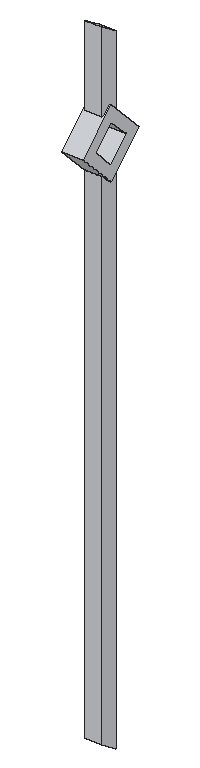
Revit family "난간동자 - 사용자 지정3", category 난간동자, Revit 2026
Family settings
  항상 수직 = 예
  로드될 때 보이드를 사용하여 절단 = 아니오
  공유 = 아니오
Parameters (values of type "20mm")
  built-in parameter 1008623 [instance] = 32.47°
  built-in parameter 1008625 [instance] = (empty or 0)
  Post = no
  built-in parameter 1008624 [instance] = 32.47°
  폭 = 20 mm
  t1 = 폭 + 5.999 mm  # 25.999 mm
  난간동자 재료 = none
  built-in parameter 1008622 [instance] = 762 mm
Types (3, lengths in mm): name | 폭 | t1
  (no name) | 20 | 25.999
  25mm | 25 | 30.999
  20mm | 20 | 25.999
Reference planes
  plane 1 "중심 F/B": y = 0
  plane 2: z = 0
  plane 3 "중심 L/R": x = 0
  plane 4 "상단": z = 762
  plane 5 "상단 절단 각도": through (0, 345.134, 542.379) normal (0, -0.5369, -0.8437)
  plane 6: z = 862
  plane 7: z = 609.6
  plane 8: z = 673.1
  plane 9: z = 641.35
  plane 10: x = -13
  plane 11: x = 13
  plane 12: z = -100
  plane 13: y = 50
  plane 14: x = 50
  plane 15: y = -50
  plane 16: x = -50
  plane 17 "하단 절단 각도": through (0, 0, 0) normal (0, -0.5369, -0.8437)
Forms (mm)
  Extrusion 1, solid, material <- "난간동자 재료"
    sketch origin (0, 0, 0) x (1, 0, 0) y (0, 1, 0)
      loop
        line (-10, 10) -> (-10, -10) -> (10, -10) -> (10, 10) -> (-10, 10)
    from 673.1 to 862
  Extrusion 2, void
    sketch origin (0, 0, 0) x (0, 1, 0) y (0, 0, 1)
      loop
        line (-50, 862) -> (-50, 793.817) -> (50, 730.183) -> (50, 862) -> (-50, 862)
    from -50 to 50
  Extrusion 3, solid, material <- "난간동자 재료"
    sketch origin (0, 0, 0) x (1, 0, 0) y (0, 1, 0)
      loop
        line (-10, 10) -> (-10, -10) -> (10, -10) -> (10, 10) -> (-10, 10)
    from -100 to 609.6
  Extrusion 4, solid, material <- "난간동자 재료"
    sketch origin (0, 0, 0) x (0, 1, 0) y (0, 0, 1)
      loop
        line (0, 682.625) -> (-41.275, 641.35) -> (0, 600.075) -> (41.275, 641.35) -> (0, 682.625)
      loop
        line (0, 664.664) -> (-23.314, 641.35) -> (0, 618.036) -> (23.314, 641.35) -> (0, 664.664)
    from -13 to 13
  Extrusion 5, void
    sketch origin (0, 0, 0) x (0, 1, 0) y (0, 0, 1)
      loop
        line (50, -31.817) -> (-50, 31.817) -> (-50, -100) -> (50, -100) -> (50, -31.817)
    from -50 to 50
Cuts and joins
  Extrusion 2, Extrusion 5 cuts Extrusion 1
  Extrusion 5 cuts Extrusion 3
  Extrusion 5 cuts Extrusion 4
Dimensions and locks
  "built-in parameter 1008622": plane 2 to plane 4 "상단"
  locked: plane 4 "상단" to plane 6 at 100
  equal spacing: Extrusion 1 sketch curve, plane 3 "중심 L/R", Extrusion 1 sketch curve
  equal spacing: Extrusion 1 sketch curve, plane 1 "중심 F/B", Extrusion 1 sketch curve
  "폭": Extrusion 1 sketch curve to Extrusion 1 sketch curve  (x2)
  "폭": Extrusion 3 sketch curve to Extrusion 3 sketch curve  (x2)
  locked: plane 7 to plane 8 at 63.5
  equal spacing: plane 7, plane 9, plane 8
  equal spacing: Extrusion 3 sketch curve, plane 3 "중심 L/R", Extrusion 3 sketch curve
  equal spacing: Extrusion 3 sketch curve, plane 1 "중심 F/B", Extrusion 3 sketch curve
  "t1": plane 10 to plane 11
  equal spacing: plane 10, plane 3 "중심 L/R", plane 11
  locked: level to plane 12 at 100
  locked: plane 7 to plane 4 "상단" at 152.4
  locked: plane 16 to plane 3 "중심 L/R" at 50
  locked: plane 3 "중심 L/R" to plane 14 at 50
  locked: plane 1 "중심 F/B" to plane 13 at 50
  locked: plane 15 to plane 1 "중심 F/B" at 50
  "built-in parameter 1008623": angle plane 4 "상단" to plane 5 "상단 절단 각도"
  "built-in parameter 1008624": angle level to plane 17 "하단 절단 각도"
  aligned and locked: Extrusion 1 to plane 6
  aligned and locked: Extrusion 3 to plane 7
  aligned and locked: plane 8 to Extrusion 1
  aligned and locked: Extrusion 4 to plane 10
  aligned and locked: Extrusion 4 to plane 11
  aligned and locked: Extrusion 2 to plane 16
  aligned and locked: Extrusion 2 to plane 14
  aligned and locked: plane 6 to Extrusion 2 sketch curve
  aligned and locked: plane 13 to Extrusion 2 sketch curve
  aligned and locked: plane 15 to Extrusion 2 sketch curve
  aligned and locked: Extrusion 2 sketch curve to plane 5 "상단 절단 각도"
  aligned and locked: plane 12 to Extrusion 3
  aligned and locked: Extrusion 5 sketch curve to plane 12
  aligned and locked: plane 13 to Extrusion 5 sketch curve
  aligned and locked: Extrusion 5 sketch curve to plane 15
  aligned and locked: plane 17 "하단 절단 각도" to Extrusion 5 sketch curve
  aligned and locked: Extrusion 5 to plane 16
  aligned and locked: Extrusion 5 to plane 14
Automatic sketch dimensions
  Extrusion 4 sketch curve to plane 9 = 0 mm  (x2)
  Extrusion 4 sketch curve to plane 1 "중심 F/B" = 0 mm  (x3)
  Extrusion 4 sketch curve to plane 7 = 8.436 mm
  plane 1 "중심 F/B" to Extrusion 4 sketch curve = 0 mm
  plane 9 to Extrusion 4 sketch curve = 0 mm  (x2)
  Extrusion 4 sketch curve to Extrusion 4 sketch curve = 17.961 mm
